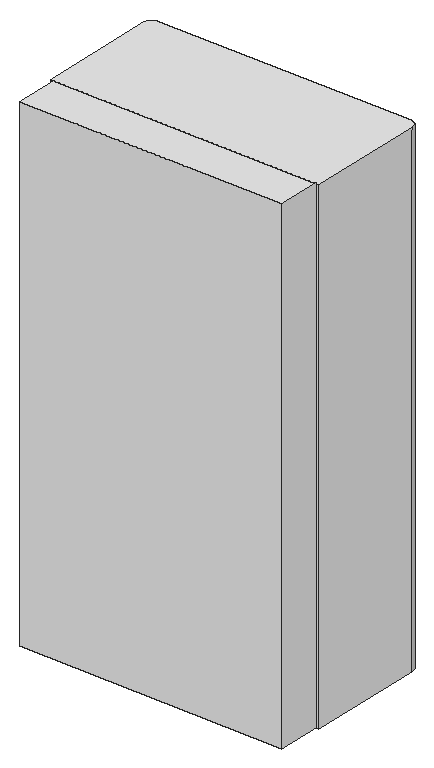
Revit family
Parameters (values of type "7.5 L")
  Width = 318 mm
  Type Comments = "45 cups capacity"
  Spigot Position = 80 mm
  Mounting Height [instance] = 1200 mm
  Model = ""
  Height = 578 mm
  Description = "7.5L Instant Boiling Water Unit"
  Depth = 198 mm
Types (4, lengths in mm): name | Width | Type Comments | Height | Description | Depth
  1.5 L | 289 | "9 cups capacity" | 335 | "1.5L Instant Boiling Water Unit" | 180
  3 L | 289 | "18 cups capacity" | 431 | "3L Instant Boiling Water Unit" | 180
  5 L | 318 | "30 cups capacity" | 465 | "5L Instant Boiling Water Unit" | 198
  7.5 L | 318 | "45 cups capacity" | 578 | "7.5L Instant Boiling Water Unit" | 198
Reference planes
  plane 1: y = 467.478
  plane 2 "Center (Left/Right)": x = 606.272
  plane 3 "Back": y = 542.478
  plane 4: x = 447.272
  plane 5: x = 765.272
  plane 6: y = 740.478
  plane 7: z = 1200
  plane 8: z = 1778
  plane 9: x = 527.272
Forms (mm)
  Extrusion 1, solid, material "HWU Tank"
    sketch origin (0, 0, 0) x (1, 0, 0) y (0, 1, 0)
      loop
        line (447.272, 592.478) -> (765.272, 592.478) -> (765.272, 730.478)
        arc (765.272, 730.478) -> (762.343, 737.549) -> (755.272, 740.478) r 10
        line (755.272, 740.478) -> (457.272, 740.478)
        arc (457.272, 740.478) -> (450.201, 737.549) -> (447.272, 730.478) r 10
        line (447.272, 730.478) -> (447.272, 592.478)
    from 1200 to 1778
  Extrusion 2, solid, material "HWU Tank"
    sketch origin (0, 0, 0) x (1, 0, 0) y (0, 1, 0)
      loop
        line (451.272, 542.478) -> (761.272, 542.478) -> (761.272, 592.478) -> (451.272, 592.478) -> (451.272, 542.478)
    from 1200 to 1778
Text (mm)
  text "Placement side" at (-1787.139, 1160.073, 0), in view "Ref. Level"
  text "Placement side" at (0, 1827.695, 2917.686), in view "Left"
  text "Placement side" at (0, 562.268, 3853.606), in view "Right"
Dimensions and locks
  plane 3 "Back" to host wall = 0 mm
  equal spacing: plane 4, plane 2 "Center (Left/Right)", plane 5
  "Width": plane 4 to plane 5
  "Depth": plane 3 "Back" to plane 6
  "Mounting Height": level to plane 7
  "Height": plane 7 to plane 8
  locked: plane 3 "Back" to Extrusion 1 sketch curve at 50
  locked: Extrusion 1 to Extrusion 2 sketch curve at 4
  locked: Extrusion 2 sketch curve to Extrusion 1 at 4
  "Spigot Position": plane 4 to plane 9
  locked: nested 2 to plane 6 at 3
  aligned and locked: plane 1 to host wall
  aligned and locked: plane 4 to Extrusion 1 sketch curve
  aligned and locked: Extrusion 1 sketch curve to plane 5
  aligned and locked: plane 3 "Back" to Extrusion 2 sketch curve
  aligned and locked: Extrusion 1 to Extrusion 2 sketch curve
  aligned and locked: Extrusion 1 to plane 8
  aligned and locked: Extrusion 2 to plane 8
  aligned and locked: plane 7 to Extrusion 2
  aligned and locked: plane 7 to Extrusion 1
  aligned and locked: nested 1 to plane 9
  aligned and locked: nested 1 to plane 6
  aligned and locked: nested 2 to plane 9
  aligned and locked: plane 7 to nested 2
  aligned and locked: nested 1 to plane 7
Automatic sketch dimensions
  Extrusion 1 sketch curve to plane 6 = 0 mm
  Extrusion 1 sketch curve to plane 4 = 10 mm
  plane 5 to Extrusion 1 sketch curve = 10 mm
Nested families
  nested 1: "hwu button" at (527.272, 740.478, 1200) x (-1, 0, 0) z (0, 0, 1), type "hwu button"
  nested 2: "HWU Spigot" at (527.272, 707.478, 1200) x (-1, 0, 0) z (0, 0, 1), type "HWU Spigot"
Definition of nested family "hwu button"
  Reference planes
    plane 1 "Center (Front/Back)": y = 0
    plane 2: z = 0
    plane 3 "Center (Left/Right)": x = 0
  Forms (mm)
    Extrusion 1, solid, material "HWU Controls"
      sketch origin (38.754, 0, -20) x (1, 0, 0) y (0, 0, 1)
        loop
          line (-58.754, 20) -> (-18.754, 20)
          arc (-18.754, 20) -> (-11.683, 22.929) -> (-8.754, 30) r 10
          line (-8.754, 30) -> (-8.754, 113.464)
          arc (-8.754, 113.464) -> (-9.322, 129.733) -> (-11.023, 145.923) r 233.222
          line (-11.023, 145.923) -> (-13.197, 161.392)
          arc (-13.197, 161.392) -> (-16.539, 167.547) -> (-23.1, 170) r 10
          line (-23.1, 170) -> (-54.407, 170)
          arc (-54.407, 170) -> (-60.968, 167.547) -> (-64.31, 161.392) r 10
          line (-64.31, 161.392) -> (-66.484, 145.923)
          arc (-66.484, 145.923) -> (-68.186, 129.733) -> (-68.754, 113.464) r 233.222
          line (-68.754, 113.464) -> (-68.754, 30)
          arc (-68.754, 30) -> (-65.825, 22.929) -> (-58.754, 20) r 10
      from 0 to 3
    Extrusion 2, solid, material "HWU Controls"
      sketch origin (0, 0, 0) x (1, 0, 0) y (0, 0, 1)
        loop
          line (-20, 25) -> (20, 25)
          arc (20, 25) -> (23.536, 26.464) -> (25, 30) r 5
          line (25, 30) -> (25, 94.739)
          arc (25, 94.739) -> (24.488, 109.387) -> (22.956, 123.965) r 210
          line (22.956, 123.965) -> (20.605, 140.696)
          arc (20.605, 140.696) -> (18.934, 143.774) -> (15.654, 145) r 5
          line (15.654, 145) -> (-15.654, 145)
          arc (-15.654, 145) -> (-18.934, 143.774) -> (-20.605, 140.696) r 5
          line (-20.605, 140.696) -> (-22.956, 123.965)
          arc (-22.956, 123.965) -> (-24.488, 109.387) -> (-25, 94.739) r 210
          line (-25, 94.739) -> (-25, 30)
          arc (-25, 30) -> (-23.536, 26.464) -> (-20, 25) r 5
      from 3 to 43
    Extrusion 3, void
      sketch origin (0, 0, 0) x (0, 1, 0) y (0, 0, 1)
        loop
          line (-45.97, 148.456) -> (-45.97, 23.456) -> (-3.569, 23.456) -> (-3.569, 24.7)
          arc (-3.569, 24.7) -> (-14.558, 26.643) -> (-25.354, 29.471) r 137.647
          line (-25.354, 29.471) -> (-35.201, 32.482)
          arc (-35.201, 32.482) -> (-36.262, 33.569) -> (-35.916, 35.048) r 1.58
          line (-35.916, 35.048) -> (-27.574, 44.358)
          arc (-27.574, 44.358) -> (-24.992, 48.587) -> (-24.092, 53.46) r 13.639
          line (-24.092, 53.46) -> (-24.092, 121.528)
          arc (-24.092, 121.528) -> (-19.11, 137.132) -> (-6.008, 146.963) r 26.928
          line (-6.008, 146.963) -> (-6.008, 148.456) -> (-45.97, 148.456)
      from -30 to 30
  Cuts and joins
    Extrusion 3 cuts Extrusion 1
    Extrusion 3 cuts Extrusion 2
    joined: Extrusion 1, Extrusion 2
Definition of nested family "HWU Spigot"
  Reference planes
    plane 1 "Center (Front/Back)": y = 0
    plane 2: z = 0
    plane 3 "Center (Left/Right)": x = 0
  Forms (mm)
    Extrusion 1, solid, material "HWU Controls"
      sketch origin (0, 0, 0) x (1, 0, 0) y (0, 1, 0)
        loop
          line (-27.5, 0) -> (-27.5, -23.043)
          arc (-27.5, -23.043) -> (-25.462, -27.962) -> (-20.543, -30) r 6.957
          line (-20.543, -30) -> (20.5, -30)
          arc (20.5, -30) -> (25.45, -27.95) -> (27.5, -23) r 7
          line (27.5, -23) -> (27.5, 0) -> (-27.5, 0)
      from 0 to -8
    Extrusion 2, solid, material "HWU Controls"
      sketch origin (0, -15, 0) x (1, 0, 0) y (0, 1, 0)
        loop
          circle (0, 0) r 10
      from -8 to -28
  Dimensions and locks
    aligned: Extrusion 2 to Extrusion 1
